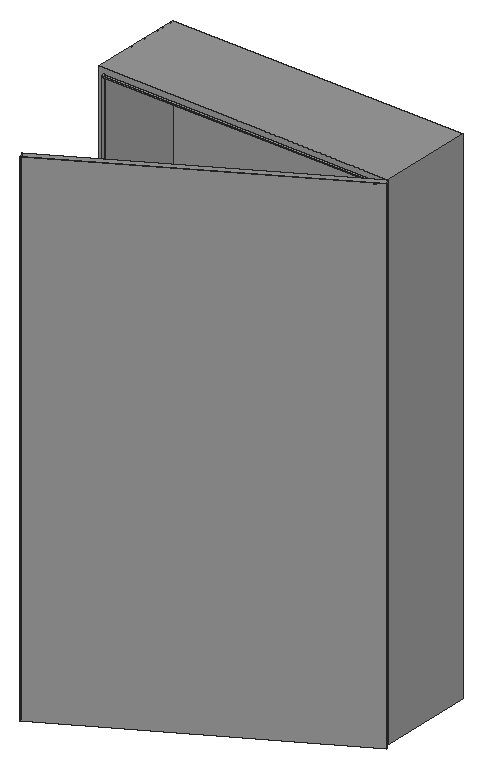
Revit family "Hager-Univers-IP55-D275-H1400-Cl.II-Steel_encl-NoHosted-DE-de", category Equipement électrique, Revit 2020
Family settings
  Configuration du panneau = Deux colonnes, circuits au sein
  Cote de connecteur circulaire = Utiliser le diamètre
  Type d'élément = Tableau de raccordement
  Basée sur le plan de construction = Oui
  Toujours verticalement = Oui
  Couper avec des vides une fois chargée = Non
  Partagée = Non
  Point de calcul de pièce = Non
Parameters (values of type "Aufputz IP55 B800 H1400 T275  - FR93S")
  Width Control [instance] = if([EF000008 - Breite] > Min Width, [EF000008 - Breite], Min Width)  # 800 mm
  Commentaires du type = [HG000003 - Bereich]  # "Univers"
  Thickness Door [instance] = if([EF009171 - Materialstärke Tür/Deckel] > 3 mm, 3 mm, [EF009171 - Materialstärke Tür/Deckel])  # 1.5 mm
  Seal Frame Offset [instance] = 17 mm  # constant formula
  Plinth Visibility [instance] = [HG000027 - Sockelhöhe] > 0 mm  # no
  Min Width [instance] = 100 mm  # constant formula
  Min Depth [instance] = (2 * [EF009170 - Materialstärke Gehäuse]) + 1 mm  # 4 mm
  Min Height [instance] = 100 mm  # constant formula
  Internal Frame Depth [instance] = (Door System Depth * 0.5)  # 9 mm
  Panel Name [instance] = ""  # (empty or 0)
  Model = ""
  HG000027 - Sockelhöhe = 0 mm
  HG000026 - Stehend auf dem Boden = no
  HG000024 - Höhe des unteren Teils = 600 mm
  HG000023 - Gehäuse mit doppeltem Querschnitt = no
  HG000016 - 3D-Türsichtbarkeit [instance] = yes
  HG000015 - Sichtbarkeit der Türöffnung [instance] = no
  HG000014 - Tür rechts [instance] = yes
  HG000013 - Tür links [instance] = not([HG000014 - Tür rechts])  # no
  HG000012 - Türschwenkwinkel [instance] = 30.00°
  HG000010 - Asymmetrische Türen = no
  HG000009 - Doppelflügeligen Tür = no
  HG000006 - Unterputz = no
  HG000004 - Herstellerreferenz = "FR93S"
  HG000003 - Bereich = "Univers"
  HG000002 - Mit tür = yes
  Frame Offset Bottom [instance] = 10 mm  # constant formula
  Frame Offset [instance] = 15 mm  # constant formula
  EF015940 - Deckel mit Überdruckentlastung = no
  EF011959 - Schutzart (NEMA) = ""
  EF009554 - Anzahl der Öffnungen für Flanschplatten = 6
  EF009212 - Ausführung Deckel = "EV000116 - geschlossen"
  EF009171 - Materialstärke Tür/Deckel = 1.5 mm
  EF009170 - Materialstärke Gehäuse = 1.5 mm
  EF008873 - Nennstrom (In) = 800 A
  EF007800 - Geeignet für Blitzschutz = no
  EF006306 - Mit Schloss = no
  EF006244 - Transparenter Deckel/Tür = no
  EF005474 - Schutzart (IP) = "EV006420 - IP55"
  EF004464 - Art der Tür = "EV002646 - Einzel"
  EF004427 - Anzahl der Module = 324
  EF004293 - Schlagfestigkeit = "EV008784 - IK10"
  EF003532 - Geeignet für Außengebrauch = no
  EF002950 - Breite in Teilungseinheiten = 24
  EF001613 - Funktionserhalt = "EV000494 - ohne"
  EF001596 - Werkstoff des Gehäuses = "EV000179 - Stahl"
  EF001131 - Innentiefe = 275 mm
  EF001088 - Anbaumöglichkeit = yes
  EF000437 - Anzahl der Leitungseinführungen = 6
  EF000339 - Art der Abdeckung = "EV004216 - Tür"
  EF000266 - Anzahl der Reihen = 9
  EF000218 - Einbautiefe = 0 mm
  EF000118 - Mit Montageplatte = no
  EF000116 - RAL-Nummer = "7035"
  EF000049 - Tiefe = 275 mm
  EF000040 - Höhe = 1400 mm
  EF000008 - Breite = 800 mm
  EF000007 - Farbe = "EV000270 - grau"
  EF000003 - Montageart = "EV000384 - Aufputz"
  Door System Leaf Tolerance [instance] = 1.5 mm  # constant formula
  Door System Depth [instance] = 18 mm  # constant formula
  Door Height [instance] = Height Control - [HG000027 - Sockelhöhe]  # 1400 mm
  Description = ""
  Default Elevation = 1219.2 mm
  Connector Offset [instance] = Height Control / 2  # 700 mm
  Fabricant = "Hager"  # constant formula
  Height Control [instance] = if([EF000040 - Höhe] > Min Height, [EF000040 - Höhe], Min Height)  # 1400 mm
  Depth Control [instance] = if([EF000049 - Tiefe] > Min Depth, [EF000049 - Tiefe], Min Depth)  # 275 mm
  Bottom Top Plate Trim [instance] = 1.5 mm  # constant formula
  Plinth height Ctrl [instance] = if([HG000027 - Sockelhöhe] > 0 mm, [HG000027 - Sockelhöhe], 12 mm)  # 12 mm
Types (5, lengths in mm): name | Width Control | HG000010 - Asymmetrische Türen | HG000009 - Doppelflügeligen Tür | HG000004 - Herstellerreferenz | EF009554 - Anzahl der Öffnungen für Flanschplatten | EF004464 - Art der Tür | EF004427 - Anzahl der Module | EF000437 - Anzahl der Leitungseinführungen | EF000008 - Breite
  Aufputz IP55 B1050 H1400 T275  - FR94S | 1050 | no | yes | "FR94S" | 8 | "EV003602 - Doppel" | 432 | 8 | 1050
  Aufputz IP55 B1300 H1400 T275  - FR95S | 1300 | yes | yes | "FR95S" | 10 | "EV003602 - Doppel" | 540 | 10 | 1300
  Aufputz IP55 B300 H1400 T275  - FR91S | 300 | no | no | "FR91S" | 2 | "EV002646 - Einzel" | 108 | 2 | 300
  Aufputz IP55 B550 H1400 T275  - FR92S | 550 | no | no | "FR92S" | 4 | "EV002646 - Einzel" | 216 | 4 | 550
  Aufputz IP55 B800 H1400 T275  - FR93S | 800 | no | no | "FR93S" | 6 | "EV002646 - Einzel" | 324 | 6 | 800
Reference planes
  plane 1 "Center (Front/Back)": y = 0
  plane 2: z = 0
  plane 3 "Center (Left/Right)": x = 0
  plane 4: y = 0
  plane 5: y = 0
  plane 6: z = 0
  plane 7: x = -400
  plane 8: x = 400
  plane 9: x = 398.5
  plane 10: x = -398.5
  plane 11: z = 0
  plane 12: z = 1.5
  plane 13: y = -275
  plane 14: y = -1.5
  plane 15: x = 0
  plane 16: y = -257
  plane 17: y = -273.5
  plane 18: y = -255.5
  plane 19: x = -383.5
  plane 20: x = 383.5
  plane 21: z = 11.5
  plane 22: x = -383
  plane 23: x = 383
  plane 24: z = 0
  plane 25: z = 1400
  plane 26: z = 1400
  plane 27: z = 1383.5
  plane 28: z = 1398.5
Forms (mm)
  Extrusion 1, solid, material "Hager_Steel_RAL7035_Light_Grey", detail levels medium+fine
    sketch origin (-208.679, -4572, 0) x (-1, 0, 0) y (0, -1, 0)
      loop
        line (191.321, -4315) -> (-608.679, -4315) -> (-608.679, -4572) -> (191.321, -4572) -> (191.321, -4315)
    from 0 to 1400
  Extrusion 2, void
    sketch origin (-350.771, -275, 1219.2) x (1, 0, 0) y (0, 0, 1)
      loop
        line (-47.729, 179.3) -> (-47.729, -1217.7) -> (749.271, -1217.7) -> (749.271, 179.3) -> (-47.729, 179.3)
    from -19.5 to -273.5
  Extrusion 3, void
    sketch origin (-290.084, -257, 1219.2) x (1, 0, 0) y (0, 0, 1)
      loop
        line (-93.416, -1207.7) -> (673.584, -1207.7) -> (673.584, 164.3) -> (-93.416, 164.3) -> (-93.416, -1207.7)
    from 0 to -1.5
  Extrusion 4, solid, material "Hager_Steel_RAL7035_Light_Grey", visible <- "Plinth Visibility", detail levels medium+fine
    sketch origin (0, 0, 0) x (1, 0, 0) y (0, 1, 0)
      loop
        line (-400, 0) -> (-400, -257) -> (400, -257) -> (400, 0) -> (-400, 0)
    from 0 to 12 <- "Plinth height Ctrl"
  Extrusion 5, solid, material "Hager_Steel_RAL7035_Light_Grey", detail levels coarse
    sketch origin (0, 0, 0) x (1, 0, 0) y (0, 1, 0)
      loop
        line (-400, 0) -> (-400, -275) -> (400, -275) -> (400, 0) -> (-400, 0)
    from 0 to 1400 <- "Height Control"
  Sweep 6, void
    path in 3D
      loop
        line (-400, -257, 12) -> (400, -257, 12) -> (400, 0, 12) -> (-400, 0, 12) -> (-400, -257, 12)
    profile origin (-400, -128.5, 12) x (1, 0, 0) y (0, 0, 1)
      loop
        line (0, 0) -> (0, -1.5) -> (1.5, -1.5)
        arc (1.5, -1.5) -> (1.061, -0.439) -> (0, 0) r 1.5
  Extrusion 7, solid, material "Hager_Steel_RAL7035_Light_Grey", detail levels fine
    sketch origin (-400, -257, 0) x (1, 0, 0) y (0, 0, 1)
      loop
        line (16.5, 11.5) -> (783.5, 11.5) -> (783.5, 1383.5) -> (16.5, 1383.5) -> (16.5, 11.5)
      loop
        line (15, 10) -> (785, 10) -> (785, 1385) -> (15, 1385) -> (15, 10)
    from 0 to 9 <- "Internal Frame Depth"
Cuts and joins
  Extrusion 2, Extrusion 3 cuts Extrusion 1
  Sweep 6 cuts Extrusion 4
Lines and regions (mm)
  Masking region 1
    outline origin (0, 0, 0) x (1, 0, 0) y (0, 1, 0)
      loop
        line (-400, 0) -> (-400, -275) -> (400, -275) -> (400, 0) -> (-400, 0)
  Masking region 2, detail levels coarse
    outline origin (-290.084, -257, 1219.2) x (-1, 0, 0) y (0, 0, 1)
      loop
        line (-690.084, -1219.2) -> (109.916, -1219.2) -> (109.916, 180.8) -> (-690.084, 180.8) -> (-690.084, -1219.2)
  Masking region 3, detail levels coarse
    outline origin (0, 0, 0) x (0, 1, 0) y (0, 0, 1)
      loop
        line (0, 0) -> (0, 1400) -> (-275, 1400) -> (-275, 0) -> (0, 0)
  Masking region 4, visible <- "Plinth Visibility", detail levels medium+fine
    outline origin (0, 0, 0) x (0, 1, 0) y (0, 0, 1)
      loop
        line (-1.5, 12) -> (-255.5, 12)
        arc (-255.5, 12) -> (-255.939, 10.939) -> (-257, 10.5) r 1.5
        line (-257, 10.5) -> (-257, 0) -> (0, 0) -> (0, 10.5)
        arc (0, 10.5) -> (-1.061, 10.939) -> (-1.5, 12) r 1.5
  Masking region 5, detail levels medium+fine
    outline origin (0, 0, 594.038) x (0, 1, 0) y (0, 0, 1)
      loop
        line (0, -594.038) -> (0, 805.962) -> (-257, 805.962) -> (-257, -594.038) -> (0, -594.038)
  Masking region 6, detail levels medium+fine
    outline origin (-359.7, -257, 1211.883) x (-1, 0, 0) y (0, 0, 1)
      loop
        line (-759.7, -1211.883) -> (40.3, -1211.883) -> (40.3, 188.117) -> (-759.7, 188.117) -> (-759.7, -1211.883)
  Masking region 7, visible <- "Plinth Visibility", detail levels medium+fine
    outline origin (-320.334, -257, 1041.368) x (-1, 0, 0) y (0, 0, 1)
      loop
        line (-720.334, -1041.368) -> (79.666, -1041.368) -> (79.666, -1030.868)
        arc (79.666, -1030.868) -> (78.606, -1030.429) -> (78.166, -1029.368) r 1.5
        line (78.166, -1029.368) -> (-718.834, -1029.368)
        arc (-718.834, -1029.368) -> (-719.273, -1030.429) -> (-720.334, -1030.868) r 1.5
        line (-720.334, -1030.868) -> (-720.334, -1041.368)
  sketch lines
    curve 1: line (-400, 0, 12) -> (-400, -257, 12)
    curve 2: line (-400, -257, 12) -> (400, -257, 12)
    curve 3: line (400, 0, 12) -> (-400, 0, 12)
    curve 4: line (400, -257, 12) -> (400, 0, 12)
Dimensions and locks
  locked: plane 1 "Center (Front/Back)" to plane 5
  "EF009170 - Materialstärke Gehäuse": plane 7 to plane 10
  "EF009170 - Materialstärke Gehäuse": plane 8 to plane 9
  equal spacing: plane 7, plane 3 "Center (Left/Right)", plane 8
  "Width Control": plane 7 to plane 8
  "Depth Control": plane 4 to plane 13
  "EF009170 - Materialstärke Gehäuse": plane 4 to plane 14
  "Height Control": plane 25 to level
  "HG000027 - Sockelhöhe": plane 11 to level
  "EF009170 - Materialstärke Gehäuse": plane 12 to plane 11
  "EF009170 - Materialstärke Gehäuse": plane 17 to plane 13
  "EF009170 - Materialstärke Gehäuse": plane 18 to plane 16
  "Frame Offset Bottom": plane 21 to plane 12
  "Frame Offset": plane 10 to plane 19
  "Frame Offset": plane 9 to plane 20
  "Door System Depth": plane 16 to plane 13
  "Seal Frame Offset": plane 7 to plane 22
  "Seal Frame Offset": plane 8 to plane 23
  "EF009170 - Materialstärke Gehäuse": plane 26 to plane 28
  "Frame Offset": plane 28 to plane 27
  "Connector Offset": plane 2 to connector elem
  "Bottom Top Plate Trim": profile plane to Sweep 6 sketch curve
  "Bottom Top Plate Trim": Sweep 6 sketch curve to Sweep 6 sketch curve
  "Plinth height Ctrl": Masking region 4 sketch curve to level
  "Plinth height Ctrl": Masking region 7 sketch curve to level
  "Thickness Door": Extrusion 7 sketch curve to Extrusion 7 sketch curve  (x4)
  "Bottom Top Plate Trim": radius of Sweep 6 sketch curve
  "Bottom Top Plate Trim": radius of Masking region 4 sketch curve  (x2)
  "Bottom Top Plate Trim": radius of Masking region 7 sketch curve  (x2)
  aligned and locked: Extrusion 2 sketch curve to plane 12
  aligned and locked: Extrusion 2 sketch curve to plane 9
  aligned and locked: Extrusion 2 sketch curve to plane 10
  aligned and locked: Extrusion 2 to plane 14
  aligned and locked: Extrusion 1 sketch curve to plane 4
  aligned and locked: plane 8 to Extrusion 1 sketch curve
  aligned and locked: plane 7 to Extrusion 1 sketch curve
  aligned and locked: Extrusion 2 to plane 18
  aligned and locked: Extrusion 3 sketch curve to plane 19
  aligned and locked: plane 20 to Extrusion 3 sketch curve
  aligned and locked: Extrusion 3 to Extrusion 2
  aligned and locked: Extrusion 3 sketch curve to plane 21
  aligned and locked: plane 3 "Center (Left/Right)" to nested 1
  aligned and locked: Extrusion 1 sketch curve to plane 16
  aligned and locked: Extrusion 4 sketch curve to cut or joined group of Extrusion 1, Extrusion 2, Extrusion 3
  aligned and locked: Masking region 1 sketch curve to plane 7
  aligned and locked: Masking region 1 sketch curve to plane 5
  aligned and locked: Masking region 1 sketch curve to plane 8
  aligned and locked: Masking region 2 sketch curve to level
  aligned and locked: level to Masking region 3 sketch curve
  aligned and locked: plane 1 "Center (Front/Back)" to Masking region 3 sketch curve
  aligned and locked: plane 13 to Masking region 3 sketch curve
  aligned and locked: plane 5 to Masking region 4 sketch curve
  aligned and locked: Masking region 2 sketch curve to plane 8
  aligned and locked: Masking region 2 sketch curve to plane 7
  aligned and locked: plane 7 to nested 2
  aligned and locked: nested 2 to plane 5
  aligned and locked: plane 5 to Masking region 5 sketch curve
  aligned and locked: plane 26 to Masking region 5 sketch curve
  aligned and locked: Extrusion 5 sketch curve to plane 8
  aligned and locked: Extrusion 5 sketch curve to plane 7
  aligned and locked: Extrusion 5 sketch curve to plane 5
  aligned and locked: Extrusion 3 sketch curve to plane 27
  aligned and locked: Extrusion 2 sketch curve to plane 28
  aligned and locked: Masking region 2 to plane 25
  aligned and locked: Extrusion 4 to plane 16
  aligned and locked: profile plane to Sweep 6 sketch curve
  aligned and locked: Masking region 5 sketch curve to plane 24
  aligned and locked: level to Masking region 4 sketch curve
  aligned and locked: Masking region 1 to plane 13
  aligned and locked: nested 1 to plane 16
  aligned and locked: Masking region 3 to plane 25
  aligned and locked: plane 16 to Masking region 4 sketch curve
  aligned and locked: Masking region 5 sketch curve to plane 16
  aligned and locked: plane 24 to plane 11
  aligned and locked: plane 26 to plane 25
  aligned and locked: plane 26 to cut or joined group of Extrusion 1, Extrusion 2, Extrusion 3
  aligned and locked: nested 1 to plane 24
  aligned and locked: Extrusion 1 to Extrusion 3
  aligned and locked: Masking region 6 sketch curve to plane 8
  aligned and locked: Masking region 6 sketch curve to plane 24
  aligned and locked: Masking region 6 sketch curve to plane 7
  aligned and locked: Masking region 6 sketch curve to plane 26
  aligned and locked: Masking region 7 sketch curve to plane 7
  aligned and locked: level to Masking region 7 sketch curve
  aligned and locked: Masking region 7 sketch curve to plane 8
  aligned and locked: Extrusion 7 sketch curve to cut or joined group of Extrusion 1, Extrusion 2, Extrusion 3  (x4)
Automatic sketch dimensions
  plane 19 to Extrusion 3 sketch curve = 0 mm
  Extrusion 3 sketch curve to plane 20 = 0 mm
  Extrusion 3 sketch curve to plane 21 = 0 mm
  Extrusion 4 sketch curve to plane 7 = 0 mm
  Extrusion 4 sketch curve to plane 8 = 0 mm
  Extrusion 4 sketch curve to plane 16 = 0 mm
  Masking region 1 sketch curve to plane 13 = 0 mm
  Masking region 2 sketch curve to plane 25 = 0 mm
  Masking region 3 sketch curve to plane 25 = 0 mm
  Extrusion 5 sketch curve to plane 13 = 0 mm
  profile plane to Sweep 6 sketch curve = 0 mm
Nested families
  nested 1: "EC000058_Univers_Door" at (0, -257, 0), Double <- "HG000009 - Doppelflügeligen Tür", Transparent <- "EF006244 - Transparenter Deckel/Tür", Angle <- "HG000012 - Türschwenkwinkel", Door_Right <- "HG000014 - Tür rechts", Assymetrical <- "HG000010 - Asymmetrische Türen", Door <- "HG000002 - Mit tür", Width_Ctrl <- "Width Control", 3d_Door <- "HG000016 - 3D-Türsichtbarkeit", Clearance <- "HG000015 - Sichtbarkeit der Türöffnung", Door_Left <- "HG000013 - Tür links", Width <- "Width Control", Door_Depth <- "Door System Depth", Leaf_Tolerance <- "Door System Leaf Tolerance", Height <- "Door Height", Lock_Visibility <- "EF006306 - Mit Schloss", Thickness <- "Thickness Door", type "EC000058_Univers_Door", detail levels medium+fine
    with min_wh 4 mm, Width_Ctrl 800 mm, Width 800 mm, Transparent no, Thickness 1.5 mm, Seal_Material Hager_Rubber, Lock_Visibility no, Lock_Material Hager_Plastic_RAL9005_Jet_Black, Leaf_Width 800 mm, Leaf_Tolerance_External_Sides 0 mm, Leaf_Tolerance 1.5 mm, Leaf_Offset 0 mm, Leaf_Height 1397 mm, Leaf_2_Width 800 mm, Leaf_2_Offset 400 mm, Leaf_1_Width 800 mm, Leaf_1_Offset 400 mm, Height_Ctrl 1400 mm, Height 1400 mm, Glass_Material Hager_Glass, Double_Clearance_Ctrl no, Double no, Door_Right_Ctrl yes, Door_Right yes, Door_Material Hager_Steel_RAL7035_Light_Grey, Door_Left_Ctrl no, Door_Left no, Door_Depth 18 mm, Door yes, Clearance_Material Hager_Clearance, Clearance_Depth 800 mm, Clearance_Ctrl no, Clearance no, Assymetrical no, Angle 30.00°, 3d_Door yes
  nested 2: "Hager_Enclosure_Symbol" at (-400, 0, 0), Height <- "Depth Control", Width <- "Width Control", type "Hager_Enclosure_Symbol"
    with Width_Ctrl 800 mm, Width 800 mm, Height_Ctrl 275 mm, Height 275 mm, A_Width_Int 18.047 mm, A_Width 216.562 mm, A_Height_Ctrl 240.625 mm, A_Height 240.625 mm
Connectors
  electrical at (0, 0, 700)
    settings: on plane 1 "Center (Front/Back)", index 1, voltage 0 V, apparent load 0 VA, apparent load phase1 0 VA, apparent load phase2 0 VA, apparent load phase3 0 VA, power factor 1, load classification "Other", number of poles 1, system type 30, power factor state 1, is connector primary yes, connector utility no, sub classification motor no, connector description ""
Definition of nested family "EC000058_Univers_Door"
  Parameters (values of type "EC000058_Univers_Door")
    min_wh [instance] = (2 * Thickness) + 1 mm  # 11 mm
    Width_Ctrl [instance] = 400 mm
    Width [instance] = 500 mm
    Transparent [instance] = yes
    Thickness [instance] = 5 mm
    Seal_Material [instance] = none
    Lock_Visibility [instance] = yes
    Lock_Material [instance] = none
    Leaf_Width [instance] = if((Width_Ctrl - 2 * Leaf_Tolerance_External_Sides) > 0 mm, (Width_Ctrl - 2 * Leaf_Tolerance_External_Sides), min_wh)  # 400 mm
    Leaf_Tolerance_External_Sides [instance] = 0 mm  # constant formula
    Leaf_Tolerance [instance] = 1.5 mm
    Leaf_Offset [instance] = 0 mm  # constant formula
    Leaf_Height [instance] = if((Height_Ctrl - 2 * Leaf_Tolerance) > 0 mm, (Height_Ctrl - 2 * Leaf_Tolerance), min_wh)  # 497 mm
    Leaf_2_Width [instance] = if(and(and(Double, Assymetrical), Door_Left), (Leaf_Width / 3) - (Leaf_Tolerance / 2), if(and(and(Double, Assymetrical), Door_Right), (Leaf_Width / 3) * 2 - (Leaf_Tolerance / 2), if(and(Double, not(Assymetrical)), (Leaf_Width / 2) - Leaf_Tolerance, Leaf_Width)))  # 400 mm
    Leaf_2_Offset [instance] = if(and(Double, Assymetrical), Leaf_2_Width / 2, if(and(Double, not(Assymetrical)), Leaf_Width / 4, Leaf_Width / 2))  # 200 mm
    Leaf_1_Width [instance] = if(and(and(Double, Assymetrical), Door_Right), (Leaf_Width / 3) - (Leaf_Tolerance / 2), if(and(and(Double, Assymetrical), Door_Left), (Width / 3) * 2 - (Leaf_Tolerance / 2), if(and(Double, not(Assymetrical)), (Leaf_Width / 2) - Leaf_Tolerance, Leaf_Width)))  # 400 mm
    Leaf_1_Offset [instance] = if(and(Double, Assymetrical), Leaf_1_Width / 2, if(and(Double, not(Assymetrical)), Leaf_Width / 4, Leaf_Width / 2))  # 200 mm
    Height_Ctrl [instance] = if(Height > min_wh, Height, min_wh)  # 500 mm
    Height [instance] = 500 mm
    Glass_Material [instance] = none
    Double_Clearance_Ctrl [instance] = and(Double, Clearance)  # no
    Double [instance] = no
    Door_Right_Ctrl [instance] = and(or(Door_Right, Double), Door)  # yes
    Door_Right [instance] = yes
    Door_Material [instance] = none
    Door_Left_Ctrl [instance] = and(or(Door_Left, Double), Door)  # no
    Door_Left [instance] = no
    Door_Depth [instance] = 30 mm
    Door [instance] = yes
    Default Elevation = 1219.2 mm
    Clearance_Material [instance] = none
    Clearance_Depth [instance] = if(Leaf_1_Width > Leaf_2_Width, Leaf_1_Width, Leaf_2_Width)  # 400 mm
    Clearance_Ctrl [instance] = and(not(Double), Clearance)  # yes
    Clearance [instance] = yes
    Assymetrical [instance] = yes
    Angle [instance] = 30.00°
    3d_Door [instance] = yes
  Reference planes
    plane 1 "Center (Front/Back)": y = 0
    plane 2 "Bottom": z = 0
    plane 3 "Center (Left/Right)": x = 0
    plane 4: z = 500
    plane 5: x = -200
    plane 6: x = 200
    plane 7: z = 500
    plane 8: x = -200
    plane 9: z = 0
    plane 10: x = 200
    plane 11: y = 0
    plane 12: z = 1.5
    plane 13: x = -600
    plane 14: y = -400
    plane 15: x = 600
    plane 16: x = 0
    plane 17: x = 0
    plane 18: x = -200
    plane 19: x = 200
    plane 20: z = 498.5
  Forms (mm)
    Extrusion 1, solid, material <- "Clearance_Material", visible <- "Double_Clearance_Ctrl"
      sketch origin (1200, 0, 0) x (1, 0, 0) y (0, 0, -1)
        loop
          line (-1800, -498.5) -> (-600, -498.5) -> (-600, 0) -> (-1800, 0) -> (-1800, -498.5)
      from 0 to -400
  Dimensions and locks
    equal spacing: plane 5, plane 3 "Center (Left/Right)", plane 6
    "Width_Ctrl": plane 5 to plane 6
    "Leaf_Offset": plane 5 to plane 8
    "Leaf_Offset": plane 6 to plane 10
    "Leaf_Offset": plane 9 to level
    "Leaf_Offset": plane 4 to plane 7
    "Height_Ctrl": plane 4 to level
    "Leaf_Tolerance": plane 12 to plane 9
    locked: plane 11 to plane 1 "Center (Front/Back)"
    "Leaf_1_Offset": plane 18 to plane 16
    "Leaf_2_Offset": plane 17 to plane 19
    "Leaf_1_Width": plane 13 to plane 8
    "Leaf_2_Width": plane 10 to plane 15
    "Clearance_Depth": plane 14 to plane 1 "Center (Front/Back)"
    "Leaf_Tolerance_External_Sides": plane 8 to plane 18
    "Leaf_Tolerance_External_Sides": plane 19 to plane 10
    "Leaf_Tolerance": plane 7 to plane 20
    aligned and locked: level to plane 2 "Bottom"
    aligned and locked: nested 1 to plane 16
    aligned and locked: nested 2 to plane 17
    aligned and locked: Extrusion 1 to plane 13
    aligned and locked: plane 15 to Extrusion 1
    aligned and locked: Extrusion 1 to plane 14
    aligned and locked: plane 12 to nested 1
    aligned and locked: nested 2 to plane 12
    aligned and locked: Extrusion 1 to plane 11
    aligned and locked: plane 20 to Extrusion 1
    aligned and locked: nested 2 to plane 11
    aligned and locked: nested 1 to plane 11
  Automatic sketch dimensions
    Extrusion 1 sketch curve to level = 0 mm
    plane 5 to Extrusion 1 sketch curve = 400 mm
    plane 6 to Extrusion 1 sketch curve = 400 mm
    Extrusion 1 sketch curve to plane 4 = 1.5 mm
  Nested families
    nested 1: "EC000058_Univers_Door_Leaf" at (0, 0, 1.5), Width <- "Leaf_1_Width", visible <- "Door_Left_Ctrl", Leaf_Height <- "Leaf_Height", Angle <- "Angle", 3d_Door <- "3d_Door", Transparent <- "Transparent", Clearance Material <- "Clearance_Material", Clearance <- "Clearance_Ctrl", Door_Material <- "Door_Material", Glass_Material <- "Glass_Material", Door_Depth <- "Door_Depth", Lock_Material <- "Lock_Material", Seal_Material <- "Seal_Material", Lock_Visibility <- "Lock_Visibility", Thickness <- "Thickness", type "EC000058_Univers_Door_Leaf"
      with Width 400 mm, Transparent_Glass_Offset 30 mm, Transparent_Ctrl yes, Transparent yes, Thickness 5 mm, Standard no, Seal_Material none, Seal_D2 8 mm, Seal_D1 1 mm, Offset_Internal_Frame 10 mm, Lock_Width 20 mm, Lock_Visibility_3d yes, Lock_Visibility yes, Lock_Thickness_3 3 mm, Lock_Thickness_2 1 mm, Lock_Thickness_1 3 mm, Lock_Radius_Offset_2 16 mm, Lock_Radius_Offset_1 15 mm, Lock_Radius_2 5 mm, Lock_Radius 6 mm, Lock_Offset 5 mm, Lock_Material none, Lock_Height 80 mm, Lock_Cover_Top_Offset_2d 17 mm, Lock_Cover_Height -65 mm, Leaf_Height 497 mm, Internal_Seal_Thickness 8 mm, Internal_Seal_Depth_2 4.5 mm, Internal_Frame_Depth 25 mm, Glass_Thickness -1 mm, Glass_Offset -2 mm, Glass_Material none, Door_Material none, Door_Depth 30 mm, Clearance Material none, Clearance yes, Angle_Ctrl 30.00°, Angle 30.00°, 3d_Door yes
    nested 2: "EC000058_Univers_Door_Leaf" at (0, 0, 1.5) x (-1, 0, 0) z (0, 0, 1), Width <- "Leaf_2_Width", visible <- "Door_Right_Ctrl", Leaf_Height <- "Leaf_Height", Angle <- "Angle", 3d_Door <- "3d_Door", Transparent <- "Transparent", Clearance Material <- "Clearance_Material", Clearance <- "Clearance_Ctrl", Door_Material <- "Door_Material", Glass_Material <- "Glass_Material", Door_Depth <- "Door_Depth", Lock_Material <- "Lock_Material", Seal_Material <- "Seal_Material", Lock_Visibility <- "Lock_Visibility", Thickness <- "Thickness", type "EC000058_Univers_Door_Leaf"
      with Width 400 mm, Transparent_Glass_Offset 30 mm, Transparent_Ctrl yes, Transparent yes, Thickness 5 mm, Standard no, Seal_Material none, Seal_D2 8 mm, Seal_D1 1 mm, Offset_Internal_Frame 10 mm, Lock_Width 20 mm, Lock_Visibility_3d yes, Lock_Visibility yes, Lock_Thickness_3 3 mm, Lock_Thickness_2 1 mm, Lock_Thickness_1 3 mm, Lock_Radius_Offset_2 16 mm, Lock_Radius_Offset_1 15 mm, Lock_Radius_2 5 mm, Lock_Radius 6 mm, Lock_Offset 5 mm, Lock_Material none, Lock_Height 80 mm, Lock_Cover_Top_Offset_2d 17 mm, Lock_Cover_Height -65 mm, Leaf_Height 497 mm, Internal_Seal_Thickness 8 mm, Internal_Seal_Depth_2 4.5 mm, Internal_Frame_Depth 25 mm, Glass_Thickness -1 mm, Glass_Offset -2 mm, Glass_Material none, Door_Material none, Door_Depth 30 mm, Clearance Material none, Clearance yes, Angle_Ctrl 30.00°, Angle 30.00°, 3d_Door yes
  Definition of nested family "EC000058_Univers_Door_Leaf"
    Parameters (values of type "EC000058_Univers_Door_Leaf")
      Width [instance] = 2000 mm
      Transparent_Glass_Offset [instance] = 30 mm
      Transparent_Ctrl [instance] = and(Transparent, [3d_Door])  # yes
      Transparent [instance] = yes
      Thickness [instance] = 5 mm
      Standard [instance] = and(not(Transparent), [3d_Door])  # no
      Seal_Material [instance] = none
      Seal_D2 [instance] = 8 mm  # constant formula
      Seal_D1 [instance] = 1 mm  # constant formula
      Offset_Internal_Frame [instance] = 10 mm  # constant formula
      Lock_Width [instance] = 20 mm  # constant formula
      Lock_Visibility_3d [instance] = and(Lock_Visibility, [3d_Door])  # yes
      Lock_Visibility [instance] = yes
      Lock_Thickness_3 [instance] = 3 mm  # constant formula
      Lock_Thickness_2 [instance] = 1 mm  # constant formula
      Lock_Thickness_1 [instance] = 3 mm  # constant formula
      Lock_Radius_Offset_2 [instance] = Lock_Radius_Offset_1 + 1 mm  # 16 mm
      Lock_Radius_Offset_1 [instance] = 15 mm  # constant formula
      Lock_Radius_2 [instance] = Lock_Radius - 1 mm  # 5 mm
      Lock_Radius [instance] = 6 mm  # constant formula
      Lock_Offset [instance] = 5 mm  # constant formula
      Lock_Material [instance] = none
      Lock_Height [instance] = 80 mm  # constant formula
      Lock_Cover_Top_Offset_2d [instance] = Lock_Radius_Offset_2 + 1 mm  # 17 mm
      Lock_Cover_Height [instance] = -(Lock_Height - Lock_Radius_Offset_1)  # -65 mm
      Leaf_Height [instance] = 2720.336 mm
      Internal_Seal_Thickness [instance] = 8 mm  # constant formula
      Internal_Seal_Depth_2 [instance] = 4.5 mm  # constant formula
      Internal_Frame_Depth [instance] = if(Door_Depth - Thickness > 5 mm, Door_Depth - Thickness, 5 mm)  # 25 mm
      Glass_Thickness [instance] = if(Thickness > 15 mm, Glass_Offset + 10 mm, -1 mm)  # -1 mm
      Glass_Offset [instance] = if(Thickness > 15 mm, -(Thickness + 10 mm) / 2, -2 mm)  # -2 mm
      Glass_Material [instance] = none
      Door_Material [instance] = none
      Door_Depth [instance] = 30 mm
      Default Elevation = 0 mm
      Clearance Material [instance] = none
      Clearance [instance] = yes
      Angle_Ctrl [instance] = if(Angle > 180.00°, 180.00°, Angle)  # 90.00°
      Angle [instance] = 90.00°
      3d_Door [instance] = yes
    Reference planes
      plane 1 "Center (Front/Back)": y = 0
      plane 2: z = 0
      plane 3 "Center (Left/Right)": x = 0
      plane 4: y = 2000
      plane 5: x = -1000
      plane 6: x = 1000
      plane 7: x = -3000
      plane 8: z = 2720.336
      plane 9: z = 30
      plane 10: z = 2690.336
      plane 11: x = 970
      plane 12: x = -970
      plane 13: y = -3
      plane 14: z = 107.833
      plane 15: y = -5
      plane 16: y = -223.314
      plane 17: x = -1000
      plane 18: z = 1360.168
      plane 19: y = 30
    Forms (mm)
      Extrusion 1, solid, material <- "Clearance Material", visible <- "Clearance"
        sketch origin (0, 0, 0) x (1, 0, 0) y (0, 0, 1)
          loop
            line (-3000, 2720.336) -> (-3000, 0) -> (1000, 0) -> (1000, 2720.336) -> (-3000, 2720.336)
        from 0 to -2000
      Extrusion 2, solid, material <- "Door_Material", visible <- "Standard", detail levels medium+fine
        sketch origin (-1000, 0, 0) x (0, 1, 0) y (-1, 0, 0)
          loop
            line (0, 30) -> (0, 25) -> (2000, 25) -> (2000, 30) -> (0, 30)
        from 0 to 2720.336 <- "Leaf_Height"
      Extrusion 3, solid, material <- "Door_Material", visible <- "Transparent_Ctrl", detail levels medium+fine
        sketch origin (-1000, 0, 0) x (0, 1, 0) y (-1, 0, 0)
          loop
            line (0, 25) -> (2000, 25) -> (2000, 30) -> (0, 30) -> (0, 25)
        from 0 to 2720.336 <- "Leaf_Height"
      Extrusion 4, void
        sketch origin (-1025, 2000, 0) x (0, 1, 0) y (0, 0, -1)
          loop
            line (-30, -2690.336) -> (-30, -30) -> (-1970, -30) -> (-1970, -2690.336) -> (-30, -2690.336)
        from 0 to 5 <- "Thickness"
      Sweep 5, solid, material <- "Seal_Material", visible <- "Transparent_Ctrl", detail levels fine
        path in 3D
          loop
            line (-1025, 30, 30) -> (-1025, 30, 2690.336) -> (-1025, 1970, 2690.336) -> (-1025, 1970, 30) -> (-1025, 30, 30)
        profile origin (-1025, 1000, 30) x (1, 0, 0) y (0, 0, 1)
          loop
            line (0, 0) -> (0, -8) -> (1, -8) -> (1, 0) -> (0, 0)
      Extrusion 6, solid, material <- "Glass_Material", visible <- "Transparent_Ctrl", detail levels medium+fine
        sketch origin (-1030, 0, 0) x (0, 1, 0) y (0, 0, -1)
          loop
            line (1970, -2690.336) -> (1970, -30) -> (30, -30) -> (30, -2690.336) -> (1970, -2690.336)
        from -2 <- "Glass_Offset" to -1 <- "Glass_Thickness"
      Extrusion 7, solid, material <- "Door_Material", visible <- "3d_Door", detail levels medium+fine
        sketch origin (-1025, 2000, 0) x (0, -1, 0) y (0, 0, -1)
          loop
            line (0, -2720.336) -> (2000, -2720.336) -> (2000, 0) -> (0, 0) -> (0, -2720.336)
          loop
            line (1995, -5) -> (5, -5) -> (5, -2715.336) -> (1995, -2715.336) -> (1995, -5)
        from 0 to 25 <- "Internal_Frame_Depth"
      Sweep 8, solid, material <- "Seal_Material", visible <- "Transparent_Ctrl", detail levels fine
        path in 3D
          loop
            line (-1025, 0, 0) -> (-1025, 2000, 0) -> (-1025, 2000, 2720.336) -> (-1025, 0, 2720.336) -> (-1025, 0, 0)
        profile origin (-1025, 0, 1360.168) x (1, 0, 0) y (0, 1, 0)
          loop
            line (0, 10) -> (2.975, 10)
            arc (2.975, 10) -> (4.053, 10.447) -> (4.5, 11.525) r 1.525
            line (4.5, 11.525) -> (4.5, 16.527)
            arc (4.5, 16.527) -> (4.069, 17.569) -> (3.027, 18) r 1.473
            line (3.027, 18) -> (0, 18) -> (0, 10)
      Extrusion 9, solid, material <- "Lock_Material", visible <- "Lock_Visibility_3d", detail levels fine
        sketch origin (-1030, 0, 0) x (0, 1, 0) y (0, 0, -1)
          loop
            arc (1993.5, -1400.168) -> (1994.561, -1399.729) -> (1995, -1398.668) r 1.5
            line (1995, -1398.668) -> (1995, -1320.168) -> (1975, -1320.168) -> (1975, -1398.668)
            arc (1975, -1398.668) -> (1975.439, -1399.729) -> (1976.5, -1400.168) r 1.5
            line (1976.5, -1400.168) -> (1993.5, -1400.168)
        from 3 <- "Lock_Thickness_1" to 0
      Blend 10, solid, material <- "Lock_Material", visible <- "Lock_Visibility_3d", detail levels fine
        base sketch origin (-1033, 0, 0) x (0, 1, 0) y (0, 0, -1)
          loop
            line (1975, -1320.168) -> (1975, -1398.668)
            arc (1975, -1398.668) -> (1975.439, -1399.729) -> (1976.5, -1400.168) r 1.5
            line (1976.5, -1400.168) -> (1993.5, -1400.168)
            arc (1993.5, -1400.168) -> (1994.561, -1399.729) -> (1995, -1398.668) r 1.5
            line (1995, -1398.668) -> (1995, -1320.168) -> (1975, -1320.168)
        top sketch origin (-1033, 0, 0) x (0, 1, 0) y (0, 0, -1)
          loop
            line (1976, -1320.168) -> (1976, -1398.668)
            arc (1976, -1398.668) -> (1976.146, -1399.022) -> (1976.5, -1399.168) r 0.5
            line (1976.5, -1399.168) -> (1993.5, -1399.168)
            arc (1993.5, -1399.168) -> (1993.854, -1399.022) -> (1994, -1398.668) r 0.5
            line (1994, -1398.668) -> (1994, -1320.168) -> (1976, -1320.168)
        from 0 to 1 <- "Lock_Thickness_2"
      Blend 11, solid, material <- "Lock_Material", visible <- "Lock_Visibility_3d", detail levels fine
        base sketch origin (-1034, 0, 0) x (0, 1, 0) y (0, 0, -1)
          loop
            line (1978, -1320.168) -> (1978, -1384.168)
            arc (1978, -1384.168) -> (1985, -1391.168) -> (1992, -1384.168) r 7
            line (1992, -1384.168) -> (1992, -1320.168) -> (1978, -1320.168)
        top sketch origin (-1034, 0, 0) x (0, 1, 0) y (0, 0, -1)
          loop
            line (1991, -1320.168) -> (1979, -1320.168) -> (1979, -1383.168)
            arc (1979, -1383.168) -> (1985, -1389.168) -> (1991, -1383.168) r 6
            line (1991, -1383.168) -> (1991, -1320.168)
        from 0 to 3 <- "Lock_Thickness_3"
      Extrusion 12, solid, material <- "Lock_Material", visible <- "Lock_Visibility_3d", detail levels fine
        sketch origin (-1030, 1975, 1320.168) x (1, 0, 0) y (0, -1, 0)
          loop
            line (-7, -19) -> (-7, -1) -> (0, -1) -> (0, 0) -> (-8, 0) -> (-8, -20) -> (0, -20) -> (0, -19) -> (-7, -19)
        from 0 to -65 <- "Lock_Cover_Height"
      Extrusion 13, void
        sketch origin (-1038, 1995, 1320.168) x (-1, 0, 0) y (0, 0, -1)
          loop
            line (-5, -65) -> (0, -65) -> (-5, -60) -> (-5, -65)
        from 0 to 20 <- "Lock_Width"
      Extrusion 14, void
        sketch origin (-1038, 1975, 1320.168) x (0, -1, 0) y (0, 0, -1)
          loop
            circle (-10, -15.995) r 6
          loop
            circle (-10, -15.995) r 5
        from 0 to 2
      Extrusion 15, solid, material <- "Lock_Material", visible <- "Lock_Visibility_3d", detail levels medium
        sketch origin (-1030, 0, 0) x (0, 1, 0) y (0, 0, -1)
          loop
            arc (1993.5, -1400.168) -> (1994.561, -1399.729) -> (1995, -1398.668) r 1.5
            line (1995, -1398.668) -> (1995, -1320.168) -> (1975, -1320.168) -> (1975, -1398.668)
            arc (1975, -1398.668) -> (1975.439, -1399.729) -> (1976.5, -1400.168) r 1.5
            line (1976.5, -1400.168) -> (1993.5, -1400.168)
        from 8 to 0
    Cuts and joins
      Extrusion 4 cuts Extrusion 3
      Extrusion 13, Extrusion 14 cuts Extrusion 9
      Extrusion 14 cuts Blend 11
      Extrusion 13, Extrusion 14 cuts Extrusion 12
      joined: Extrusion 9, Blend 10, Blend 11, Extrusion 12
      Extrusion 14 cuts Extrusion 15
    Lines and regions (mm)
      Masking region 1, visible <- "Lock_Visibility", detail levels fine
        outline origin (0, 0, 0) x (0, 1, 0) y (0, 0, 1)
          loop
            line (30, 1320.168) -> (33, 1320.168) -> (33, 1400.168) -> (30, 1400.168) -> (30, 1320.168)
      Masking region 2, visible <- "Lock_Visibility", detail levels fine
        outline origin (0, 3.143, 0) x (0, 1, 0) y (0, 0, 1)
          loop
            line (29.857, 1354.168) -> (30.857, 1354.168) -> (30.857, 1366.168) -> (29.857, 1366.168) -> (29.857, 1354.168)
      Masking region 3, detail levels medium+fine
        outline origin (0, 0, 0) x (0, 1, 0) y (0, 0, 1)
          loop
            line (0, 0) -> (30, 0) -> (30, 2720.336) -> (0, 2720.336) -> (0, 0)
      Masking region 4, detail levels medium+fine
        outline origin (0, 0, 0) x (1, 0, 0) y (0, 0, 1)
          loop
            line (-1000, 2720.336) -> (-1000, 0) -> (1000, 0) -> (1000, 2720.336) -> (-1000, 2720.336)
      Masking region 5, visible <- "Lock_Visibility", detail levels fine
        outline origin (-47.116, 0, 0) x (1, 0, 0) y (0, 0, 1)
          loop
            arc (1024.616, 1399.168) -> (1023.556, 1398.729) -> (1023.116, 1397.668) r 1.5
            line (1023.116, 1397.668) -> (1023.116, 1320.168) -> (1041.116, 1320.168) -> (1041.116, 1397.668)
            arc (1041.116, 1397.668) -> (1040.677, 1398.729) -> (1039.616, 1399.168) r 1.5
            line (1039.616, 1399.168) -> (1024.616, 1399.168)
      Masking region 6, visible <- "Lock_Visibility", detail levels medium+fine
        outline origin (-25, 0, 0) x (1, 0, 0) y (0, 0, 1)
          loop
            arc (1001.5, 1400.168) -> (1000.439, 1399.729) -> (1000, 1398.668) r 1.5
            line (1000, 1398.668) -> (1000, 1320.168) -> (1020, 1320.168) -> (1020, 1398.668)
            arc (1020, 1398.668) -> (1019.561, 1399.729) -> (1018.5, 1400.168) r 1.5
            line (1018.5, 1400.168) -> (1001.5, 1400.168)
      Masking region 7, visible <- "Lock_Visibility", detail levels fine
        outline origin (-73.735, 0, 0) x (1, 0, 0) y (0, 0, 1)
          loop
            line (1051.735, 1382.168) -> (1065.735, 1382.168) -> (1065.735, 1384.168)
            arc (1065.735, 1384.168) -> (1058.735, 1391.168) -> (1051.735, 1384.168) r 7
            line (1051.735, 1384.168) -> (1051.735, 1382.168)
      Masking region 8, visible <- "Lock_Visibility", detail levels fine
        outline origin (-73.735, 0, 0) x (1, 0, 0) y (0, 0, 1)
          loop
            line (1052.735, 1382.168) -> (1064.735, 1382.168) -> (1064.735, 1383.168)
            arc (1064.735, 1383.168) -> (1058.735, 1389.168) -> (1052.735, 1383.168) r 6
            line (1052.735, 1383.168) -> (1052.735, 1382.168)
      Masking region 9, visible <- "Lock_Visibility", detail levels fine
        outline origin (-25, 0, 0) x (1, 0, 0) y (0, 0, 1)
          loop
            line (1020, 1320.168) -> (1020, 1382.168) -> (1000, 1382.168) -> (1000, 1320.168) -> (1020, 1320.168)
      Masking region 10, detail levels medium+fine
        outline origin (0, 0, 0) x (1, 0, 0) y (0, 0, 1)
          loop
            circle (985, 1335.144) r 6
      Masking region 11, detail levels fine
        outline origin (0, 0, 0) x (1, 0, 0) y (0, 0, 1)
          loop
            circle (985, 1335.144) r 5
      Masking region 12, visible <- "Lock_Visibility", detail levels fine
        outline origin (0, 12.767, 0) x (0, 1, 0) y (0, 0, 1)
          loop
            line (20.233, 1320.168) -> (21.233, 1320.168) -> (21.233, 1399.168) -> (20.233, 1400.168) -> (20.233, 1320.168)
      Masking region 13, visible <- "Lock_Visibility", detail levels fine
        outline origin (0, 13.767, -10) x (0, 1, 0) y (0, 0, 1)
          loop
            line (20.233, 1330.168) -> (23.233, 1330.168) -> (23.233, 1399.168) -> (20.233, 1402.168) -> (20.233, 1330.168)
      Masking region 14, visible <- "Lock_Visibility", detail levels fine
        outline origin (0, 12.767, -10) x (0, 1, 0) y (0, 0, 1)
          loop
            line (20.233, 1330.168) -> (25.233, 1330.168) -> (25.233, 1399.305) -> (20.233, 1394.305) -> (20.233, 1330.168)
      Masking region 15, visible <- "Lock_Visibility", detail levels medium
        outline origin (0, 0, 0) x (0, 1, 0) y (0, 0, 1)
          loop
            line (30, 1320.168) -> (38, 1320.168) -> (38, 1400.168) -> (30, 1400.168) -> (30, 1320.168)
      Masking region 16, visible <- "Lock_Visibility", detail levels fine
        outline origin (-1000, 0, 0) x (0, 1, 0) y (-1, 0, 0)
          loop
            line (1975, 30) -> (1995, 30) -> (1995, 38) -> (1975, 38) -> (1975, 30)
          loop
            line (1979, 37) -> (1976, 37) -> (1976, 34) -> (1978, 34) -> (1979, 37)
          loop
            line (1994, 37) -> (1991, 37) -> (1992, 34) -> (1994, 34) -> (1994, 37)
      Masking region 17, visible <- "Lock_Visibility", detail levels medium
        outline origin (-1000, 0, 0) x (0, 1, 0) y (-1, 0, 0)
          loop
            line (1975, 30) -> (1995, 30) -> (1995, 38) -> (1975, 38) -> (1975, 30)
      symbolic lines
        curve 1: line (1000, 0, 0) -> (-3000, 0, 0)
        curve 2: arc (1000, 0, 0) -> (-1000, 2000, 0) -> (-3000, 0, 0) r 2000
        curve 4: line (-1030, 0, 0) -> (-1030, 2000, 0)
      reference lines
        curve 3: line (-1000, 0, 0) -> (-1000, 2000, 0)
      symbolic lines, detail levels medium+fine
        curve 5: line (-1030, 2000, 0) -> (-1025, 2000, 0)
        curve 7: line (-1025, 0, 0) -> (-1030, 0, 0)
        curve 8: line (-1025, 0, 0) -> (-1000, 0, 0)
        curve 9: line (-1000, 0, 0) -> (-1000, 2000, 0)
        curve 10: line (-1000, 2000, 0) -> (-1025, 2000, 0)
      symbolic lines, detail levels fine
        curve 6: line (-1025, 2000, 0) -> (-1025, 0, 0)
      sketch lines
        curve 11: line (-1025, 0, 2720.336) -> (-1025, 0, 0)
        curve 12: line (-1025, 2000, 0) -> (-1025, 0, 0)
        curve 13: line (-1025, 2000, 2720.336) -> (-1025, 2000, 0)
        curve 14: line (-1025, 0, 2720.336) -> (-1025, 2000, 2720.336)
        curve 15: line (-1025, 1970, 30) -> (-1025, 30, 30)
        curve 16: line (-1025, 30, 30) -> (-1025, 30, 2690.336)
        curve 17: line (-1025, 1970, 2690.336) -> (-1025, 1970, 30)
        curve 18: line (-1025, 30, 2690.336) -> (-1025, 1970, 2690.336)
      symbolic lines, visible <- "Transparent", detail levels medium+fine
        curve 19: line (-970, 0, 2690.336) -> (970, 0, 2690.336)
        curve 20: line (-970, 0, 30) -> (-970, 0, 2690.336)
        curve 21: line (970, 0, 30) -> (-970, 0, 30)
        curve 22: line (970, 0, 2690.336) -> (970, 0, 30)
    Dimensions and locks
      "Width": plane 1 "Center (Front/Back)" to plane 4
      equal spacing: plane 5, plane 3 "Center (Left/Right)", plane 6
      "Width": plane 5 to plane 6
      "Width": plane 7 to plane 5
      "Leaf_Height": plane 8 to level
      "Width": curve 5 to curve 3
      "Width": curve 3 to curve 3
      plane 8 to plane 10 = 30 mm
      plane 9 to level = 30 mm
      plane 12 to plane 5 = 30 mm
      plane 6 to plane 11 = 30 mm
      Extrusion 1 to Extrusion 4 sketch curve = 30 mm
      "Transparent_Glass_Offset": curve 3 to Extrusion 4 sketch curve
      "Transparent_Glass_Offset": Extrusion 4 sketch curve to cut or joined group of Extrusion 3, Extrusion 4  (x2)
      cut or joined group of Extrusion 3, Extrusion 4 to Extrusion 6 sketch curve = 30 mm
      "Transparent_Glass_Offset": cut or joined group of Extrusion 3, Extrusion 4 to Extrusion 4 sketch curve
      "Thickness": curve 6 to curve 4
      "Thickness": Extrusion 7 sketch curve to Extrusion 7 sketch curve  (x4)
      "Door_Depth": curve 4 to curve 3
      "Offset_Internal_Frame": profile plane to Sweep 8 sketch curve
      "Internal_Seal_Thickness": Sweep 8 sketch curve to Sweep 8 sketch curve
      "Internal_Seal_Depth_2": profile plane to Sweep 8 sketch curve
      "Seal_D1": profile plane to Sweep 5 sketch curve
      "Seal_D2": profile plane to Sweep 5 sketch curve
      "Thickness": Extrusion 2 sketch curve to Extrusion 2 sketch curve
      equal spacing: Extrusion 9 sketch curve, plane 18, Extrusion 9 sketch curve  (x2)
      equal spacing: Masking region 1 sketch curve, plane 18, Masking region 1 sketch curve
      "Lock_Height": Masking region 1 sketch curve to Masking region 1 sketch curve
      "Lock_Radius": Masking region 2 sketch curve to plane 18 to Masking region 2 sketch curve
      Masking region 2 sketch curve to Masking region 1 = 1 mm
      "Door_Depth": plane 19 to plane 1 "Center (Front/Back)"
      "Lock_Thickness_1": Masking region 1 sketch curve to plane 19
      "Lock_Width": Extrusion 9 sketch curve to Extrusion 9 sketch curve
      "Lock_Height": Extrusion 9 sketch curve to Extrusion 9 sketch curve
      "Lock_Offset": cut or joined group of Extrusion 3, Extrusion 4 to Extrusion 9 sketch curve
      equal spacing: plane 8, plane 18, level
      "Lock_Radius_Offset_1": Blend 11 sketch curve to Blend 10
      locked: Blend 10 to Blend 11 sketch curve at 2  (x2)
      locked: var sketch to Blend 11 sketch curve at 1  (x2)
      "Lock_Radius_Offset_2": Blend 11 sketch curve to Blend 10
      locked: Extrusion 12 sketch curve to Extrusion 12 sketch curve at 1  (x3)
      Masking region 6 sketch curve to Masking region 6 sketch curve = 80 mm
      "Lock_Height": Masking region 6 sketch curve to Masking region 6 sketch curve
      "Lock_Width": Masking region 6 sketch curve to Masking region 6 sketch curve
      locked: Masking region 6 to Masking region 5 sketch curve at 1  (x3)
      locked: Masking region 5 to Masking region 7 sketch curve at 2  (x2)
      "Lock_Radius_Offset_1": Masking region 5 to Masking region 7 sketch curve
      "Lock_Radius_Offset_2": Masking region 5 to Masking region 8 sketch curve
      locked: Masking region 7 to Masking region 8 sketch curve at 1  (x2)
      "Lock_Cover_Top_Offset_2d": Masking region 5 to Masking region 9 sketch curve
      equal spacing: Masking region 9, Masking region 10 sketch curve, Masking region 9
      equal spacing: Masking region 9, Masking region 11 sketch curve, Masking region 9
      Extrusion 15 sketch curve to Extrusion 15 sketch curve = 80 mm
      "Lock_Width": Extrusion 15 sketch curve to Extrusion 15 sketch curve
      "Lock_Height": Extrusion 15 sketch curve to Extrusion 15 sketch curve
      equal spacing: Extrusion 15 sketch curve, plane 18, Extrusion 15 sketch curve
      "Lock_Thickness_3": Masking region 13 sketch curve to Masking region 13 sketch curve
      "Lock_Height": Masking region 12 sketch curve to Masking region 12 sketch curve
      locked: Masking region 13 sketch curve to Masking region 1 at 8
      locked: Masking region 14 sketch curve to Masking region 13 at 1
      locked: Masking region 14 sketch curve to Masking region 1 at 10.863
      "Lock_Height": Masking region 15 sketch curve to Masking region 15 sketch curve
      "Lock_Offset": Extrusion 15 sketch curve to cut or joined group of Extrusion 3, Extrusion 4
      "Lock_Offset": plane 6 to Masking region 6 sketch curve
      radius of Sweep 8 sketch curve = 1.525 mm
      radius of Sweep 8 sketch curve = 1.473 mm
      radius of Extrusion 9 sketch curve = 1.5 mm  (x2)
      "Lock_Radius": radius of Extrusion 14 sketch curve
      "Lock_Radius_2": radius of Extrusion 14 sketch curve
      "Lock_Radius": radius of Masking region 10 sketch curve
      "Lock_Radius_2": radius of Masking region 11 sketch curve
      radius of Extrusion 15 sketch curve = 1.5 mm  (x2)
      "Angle_Ctrl": angle plane 1 "Center (Front/Back)" to curve 3
      locked: Masking region 12 sketch curve to Masking region 12 sketch curve (angle 45.00°)
      locked: Masking region 13 sketch curve to Masking region 13 sketch curve (angle 45.00°)
      locked: Masking region 14 sketch curve to Masking region 14 sketch curve (angle 45.00°)
      aligned and locked: level to plane 2
      aligned and locked: Extrusion 1 to curve 1
      aligned and locked: plane 6 to Extrusion 1
      aligned and locked: Extrusion 1 to plane 1 "Center (Front/Back)"
      aligned and locked: plane 4 to Extrusion 1
      aligned and locked: plane 8 to Extrusion 1
      aligned and locked: curve 7 to Extrusion 2 sketch curve
      aligned and locked: curve 5 to Extrusion 2 sketch curve
      aligned and locked: curve 7 to Extrusion 3 sketch curve
      aligned and locked: Extrusion 3 sketch curve to curve 4
      aligned and locked: Extrusion 3 sketch curve to curve 6
      aligned and locked: Extrusion 3 sketch curve to curve 5
      aligned and locked: curve 9 to curve 3
      aligned and locked: Extrusion 7 sketch curve to cut or joined group of Extrusion 3, Extrusion 4  (x4)
      aligned and locked: plane 17 to curve 3
      aligned and locked: plane 1 "Center (Front/Back)" to curve 3
      aligned and locked: plane 17 to plane 5
      aligned and locked: Sweep 8 sketch curve to profile plane
      aligned and locked: Sweep 5 sketch curve to profile plane  (x2)
      aligned and locked: Masking region 1 to Masking region 2 sketch curve
      aligned and locked: plane 19 to Masking region 1 sketch curve
      aligned and locked: plane 1 "Center (Front/Back)" to Masking region 3 sketch curve
      aligned and locked: plane 19 to Masking region 3 sketch curve
      aligned and locked: level to Masking region 3 sketch curve
      aligned and locked: Masking region 3 sketch curve to plane 8
      aligned and locked: plane 17 to Masking region 4 sketch curve
      aligned and locked: level to Masking region 4 sketch curve
      aligned and locked: Masking region 4 sketch curve to plane 8
      aligned and locked: plane 12 to curve 20
      aligned and locked: plane 10 to curve 19
      aligned and locked: plane 11 to curve 22
      aligned and locked: curve 21 to plane 9
      aligned and locked: Extrusion 2 sketch curve to cut or joined group of Extrusion 3, Extrusion 4
      aligned and locked: Blend 10 sketch curve to Extrusion 9  (x4)
      aligned and locked: Extrusion 9 to Blend 10 sketch curve
      aligned and locked: Blend 10 to Blend 11 sketch curve
      aligned and locked: Extrusion 12 sketch curve to Blend 11
      aligned and locked: Extrusion 12 sketch curve to Extrusion 9  (x4)
      aligned and locked: Masking region 5 sketch curve to Masking region 6
      aligned and locked: Masking region 9 sketch curve to Masking region 6  (x3)
      aligned and locked: Masking region 12 sketch curve to Masking region 1
      aligned and locked: Masking region 13 sketch curve to Masking region 1
      aligned and locked: Masking region 12 to Masking region 14
      aligned and locked: Masking region 14 sketch curve to Masking region 1
      aligned and locked: Masking region 15 sketch curve to Masking region 14
      aligned and locked: Masking region 13 sketch curve to Masking region 12
      aligned and locked: Masking region 16 sketch curve to cut or joined group of Extrusion 14, Extrusion 15  (x4)
      aligned and locked: Masking region 16 sketch curve to cut or joined group of Extrusion 9, Blend 10, Blend 11, Extrusion 12, Extrusion 13, Extrusion 14  (x6)
      aligned and locked: cut or joined group of Extrusion 9, Blend 10, Blend 11, Extrusion 12, Extrusion 13, Extrusion 14 to Masking region 16 sketch curve
      aligned and locked: Masking region 17 sketch curve to cut or joined group of Extrusion 14, Extrusion 15  (x3)
      aligned and locked: Masking region 17 sketch curve to cut or joined group of Extrusion 9, Blend 10, Blend 11, Extrusion 12, Extrusion 13, Extrusion 14
      aligned and locked: Masking region 9 to Masking region 8 sketch curve
      aligned and locked: Masking region 9 to Masking region 7 sketch curve
    Automatic sketch dimensions
      plane 1 "Center (Front/Back)" to curve 2 = 0 mm
      curve 2 to plane 5 = 0 mm
      Extrusion 1 sketch curve to level = 0 mm
      Extrusion 1 sketch curve to plane 7 = 0 mm
      Extrusion 1 sketch curve to plane 6 = 0 mm
      Extrusion 1 sketch curve to plane 8 = 0 mm
      Extrusion 3 to Extrusion 6 sketch curve = 30 mm  (x4)
      Masking region 4 sketch curve to plane 6 = 0 mm
      Blend 10 sketch curve to Extrusion 9 = 1.5 mm
      Blend 10 sketch curve to Extrusion 9 = 1 mm
      Extrusion 13 sketch curve to Extrusion 12 = 0 mm  (x2)
      Extrusion 12 to Extrusion 13 sketch curve = 3 mm
      Extrusion 13 sketch curve to Extrusion 12 = 5 mm
      Extrusion 14 sketch curve to Extrusion 14 sketch curve = 0 mm  (x2)
      Extrusion 14 sketch curve to Extrusion 12 = 10 mm
      Extrusion 14 sketch curve to Extrusion 12 = 15.995 mm
      Masking region 5 sketch curve to Masking region 5 sketch curve = 1.5 mm  (x2)
      Masking region 10 sketch curve to plane 18 = 25.024 mm
      Masking region 11 sketch curve to plane 18 = 25.024 mm
      plane 19 to Masking region 14 sketch curve = 3 mm
      Masking region 16 sketch curve to Masking region 16 sketch curve = 3 mm
      curve 4 to curve 3 = 0 mm
      Blend 10 to Blend 11 sketch curve = 0 mm
      Masking region 6 sketch curve to Masking region 6 sketch curve = 1.5 mm  (x2)
      Masking region 6 sketch curve to plane 18 = 40 mm
      plane 19 to Masking region 12 sketch curve = 3 mm
      Masking region 12 sketch curve to Masking region 12 sketch curve = 1 mm
      Masking region 15 sketch curve to plane 19 = 0 mm
      Masking region 15 sketch curve to plane 18 = 40 mm
      radius of Blend 10 sketch curve to Extrusion 9 = 1 mm
Definition of nested family "Hager_Enclosure_Symbol"
  Parameters (values of type "Hager_Enclosure_Symbol")
    Width_Ctrl [instance] = if(Width > 1 mm, Width, 1 mm)  # 102.27 mm
    Width [instance] = 102.27 mm
    Height_Ctrl [instance] = if(Height > 1 mm, Height, 1 mm)  # 66.5 mm
    A_Width_Int [instance] = if(A_Width / 12 > 2 mm, A_Width / 12, 2 mm)  # 4.364 mm
    A_Width [instance] = if(A_Height_Ctrl * 0.9 > 2 mm, A_Height_Ctrl * 0.9, 2 mm)  # 52.369 mm
    A_Height_Ctrl [instance] = if(A_Height > 2 mm, A_Height, 2 mm)  # 58.188 mm
    Height [instance] = 66.5 mm
    A_Height [instance] = Height - (Height / 8)  # 58.188 mm
  Reference planes
    plane 1 "Centre (avant/arrière)": y = 0
    plane 2: z = 0
    plane 3 "Centre (gauche/droite)": x = 0
    plane 4: x = 52.369
    plane 5: y = 33.042
    plane 6: y = 41.77
    plane 7: y = 66.5
    plane 8: x = 26.184
    plane 9: y = 37.406
    plane 10: x = 102.27
    plane 11: y = 66.5
    plane 12: y = 8.313
  Lines and regions (mm)
    Filled region 1, type "Solid_Black", in view "Niveau de réf."
      outline origin (0, 0, 0) x (1, 0, 0) y (0, 1, 0)
        loop
          line (52.369, 66.5) -> (33.188, 54.536) -> (45.365, 45.006) -> (52.369, 66.5)
    Filled region 2, type "Solid_Black", in view "Niveau de réf."
      outline origin (0, 0, 0) x (1, 0, 0) y (0, 1, 0)
        loop
          line (0, 0) -> (102.27, 0) -> (102.27, 66.5) -> (0, 0)
    detail lines, in view "Niveau de réf."
      curve 1: line (0, 8.313, 0) -> (26.184, 41.77, 0)
      curve 2: line (26.184, 41.77, 0) -> (26.184, 33.042, 0)
      curve 3: line (26.184, 33.042, 0) -> (52.369, 66.5, 0)
  Dimensions and locks
    "A_Width": plane 3 "Centre (gauche/droite)" to plane 4
    equal spacing: plane 3 "Centre (gauche/droite)", plane 8, plane 4
    equal spacing: plane 6, plane 9, plane 5
    equal spacing: curve 3, Filled region 1 sketch curve, Filled region 1 sketch curve
    "Height_Ctrl": plane 1 "Centre (avant/arrière)" to plane 11
    "A_Height_Ctrl": plane 11 to plane 12
    equal spacing: plane 11, plane 9, plane 12
    "A_Width_Int": plane 6 to plane 9
    "Width_Ctrl": plane 3 "Centre (gauche/droite)" to plane 10
    angle Filled region 1 sketch curve to curve 3 = 20.00°
    angle curve 3 to Filled region 1 sketch curve = 20.00°
    locked: curve 3 to Filled region 1 sketch curve (angle 90.00°)
    aligned and locked: plane 10 to Filled region 2
    aligned and locked: plane 11 to Filled region 2 sketch curve
    aligned and locked: plane 10 to Filled region 2 sketch curve
    aligned and locked: plane 3 "Centre (gauche/droite)" to curve 1
    aligned and locked: plane 12 to curve 1
    aligned and locked: plane 7 to plane 11
  Automatic sketch dimensions
    Filled region 1 sketch curve to plane 4 = 0 mm
    Filled region 1 sketch curve to plane 7 = 0 mm
    plane 1 "Centre (avant/arrière)" to Filled region 2 sketch curve = 0 mm
    Filled region 2 sketch curve to plane 3 "Centre (gauche/droite)" = 0 mm
    curve 2 to plane 6 = 0 mm
    curve 2 to plane 8 = 0 mm
    curve 3 to plane 4 = 0 mm
    curve 2 to plane 5 = 0 mm
    curve 3 to plane 7 = 0 mm
